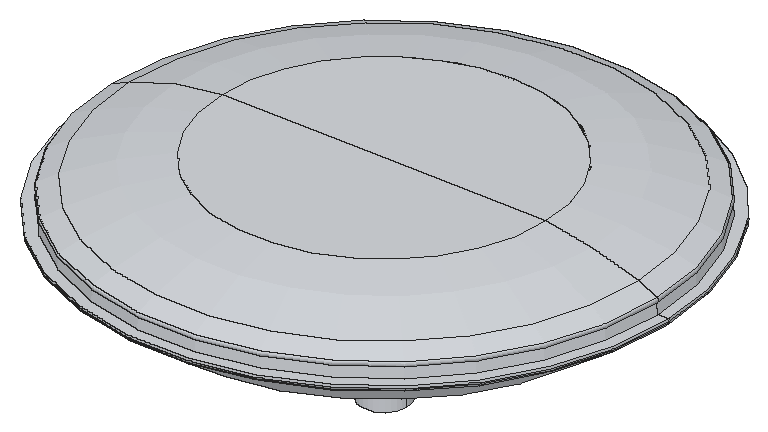
Revit family "Lighting-UrbanSystem-GEWISS-URBAN[O3]-LED-SIDE_COUPLING_OPTIC_CYCLE-PEDESTRIAN", category Apparecchi per illuminazione, host Superficie, Revit 2019
Family settings
  Host = Superficie
  Quota connettore circolare = Usa diametro
  Tipo di parte = Normale
  Numero OmniClass = 23.80.70.00
  Titolo OmniClass = Lighting
  Taglio con vuoti quando caricato = No
  Sorgente d'illuminazione = No
  Condiviso = No
  Punto di calcolo locali = Sì
Parameters (values of type "GWS7208 - URBAN LED 4M 4000K CYC. SIDE B. GRA.GR.")
  Working temperature = "-25 +35 °C"
  Weight (kg): = "11"
  Weight (kg) = "11"
  Warranty = "5 years"
  Voltage: = "220/240 V - 50/60 Hz"
  Voltage = "220/240 V - 50/60 Hz - Stand alone and/or possibility of dimmer 1-10 V"
  Visibility_label [instance] = yes
  Vetro = GEWISS - VETRO
  Version file RFA = "20.11"
  Urbano 2D [instance] = yes
  URL = "https://www.gewiss.com/ww/en"
  Type of light source = "LED"
  Type of lamp: = "LED"
  Technical sheet = "https://www.gewiss.com/ww/en/search?q=GWS7208"
  System power = "105W"
  Suitable for: = "Commercial side brackets with side connection"
  Suitable for = "Commercial side brackets with side connection"
  Spostamento_y_etichetta [instance] = 0 mm
  Spostamento_y_effettivo_etichetta [instance] = 1500 mm - Spostamento_y_etichetta  # 1500 mm
  Spostamento_x_etichetta [instance] = 0 mm
  Spostamento_x_effettivo_etichetta [instance] = 1500 mm - Spostamento_x_etichetta  # 1500 mm
  Shock resistance = "IK08 BODY - IK06 LENS"
  SEO = "Street lighting"
  Risk photobiological = "RG1/RG2 @ 20cm"
  Realized by GEWISS S.p.A. = ""
  R1 = 285 mm  # constant formula
  R = 160 mm  # constant formula
  Simbolo in pianta [instance] = not(Urbano 2D)  # no
  Default Elevation = 1219.2 mm
  Produttore = "GEWISS S.p.A."
  Power supply operation = ""
  Pilot current = "530mA"
  Photobiologic Risk = "RG1/RG2 @ 20cm"
  Optic = "Cycle and pedestrian - ULOR: 0%"
  Operating temperature: = "-25 +35 °C"
  Number of modules = "4 (4x16 LED)"
  Nominal flux (lm) = "13400"
  No. Chorus modules = "4 (4x16 LED)"
  Modello = "GWS7208"
  Minimum distance from the illuminated object = "1M"
  Maximum surface exposed to the wind = "0,25M2"
  Lumen output (lm) = "10560"
  LED current = "530mA"
  LED LifeTime (L80B20) = "50000H"
  LED Life time (L90B20) = "50000H"
  LED Life time (L80B10) = "100000H"
  Insulation class = "II"
  Immagine tipo = GWS7201.jpg
  IP degree = "IP66"
  IFC.TypeObject = ""
  IFC.ExportType = ""
  IFC.ExportAs = ""
  IDT = "e1528f34-313b-4522-a6c0-c97009e176a5"
  IDF = "dc177271-3986-48b2-bbc2-0ed583cb7899"
  Finitura = GEWISS - GRIGIO GRAFITE
  Electrocod = "244C"
  EAN code = "8011564802650"
  Driver type = "Constant Current Driver Led"
  Descrizione = "URBAN LED 4M 4000K CYC. SIDE B. GRA.GR."
  Colour temperature: = "4000 K (CRI 70)"
  Colour temperature = "4000 K (CRI 70)"
  Colour = "Graphite grey"
  Catalogue Range = "URBAN [O3]"
  Catalogue = "LIGHTING"
  COBie.Tagnumber = ""
  COBie.CreatedOn = ""
  COBie.CreatebBy = ""
  COBie.ComponentRegisterItemID = ""
  COBie.Component.TagNumber = ""
  COBie.Component.Space = ""
  COBie.Component.SerialNumber = ""
  COBie.Component.InstallationDate = ""
  COBie.Component.Description = ""
  COBie.Component.BarCode = ""
  Application = "External"
Types (5, lengths in mm): name | Weight (kg): | Weight (kg) | Voltage | Technical sheet | System power | Power supply operation | Number of modules | Nominal flux (lm) | No. Chorus modules | Modello | Lumen output (lm) | IDT | EAN code | Descrizione
  (no name) | "11" | "11" | "220/240 V - 50/60 Hz - Stand alone and/or possibility of dimmer 1-10 V" | "https://www.gewiss.com/ww/en/search?q=GWS7208" | "105W" | "Bi power" | "4 (4x16 LED)" | "13400" | "4 (4x16 LED)" | "GWS7208" | "10560" | "e1528f34-313b-4522-a6c0-c97009e176a5" | "8011564802650" | "URBAN LED 4M 4000K CYC. SIDE B. GRA.GR."
  GWS7207 - URBAN LED 3M 4000K CYC. SIDE B. GRA.GR. | "10,3" | "10,3" | "220/240 V - 50/60 Hz - Stand alone and/or possibility of dimmer 1-10 V" | "https://www.gewiss.com/ww/en/search?q=GWS7207" | "81W" | "" | "3 (3x16 LED)" | "10230" | "3 (3x16 LED)" | "GWS7207" | "8060" | "26f58905-4bfc-4629-96f5-06cf5acb5e82" | "8011564802643" | "URBAN LED 3M 4000K CYC. SIDE B. GRA.GR."
  GWS7208 - URBAN LED 4M 4000K CYC. SIDE B. GRA.GR. | "11" | "11" | "220/240 V - 50/60 Hz - Stand alone and/or possibility of dimmer 1-10 V" | "https://www.gewiss.com/ww/en/search?q=GWS7208" | "105W" | "" | "4 (4x16 LED)" | "13400" | "4 (4x16 LED)" | "GWS7208" | "10560" | "e1528f34-313b-4522-a6c0-c97009e176a5" | "8011564802650" | "URBAN LED 4M 4000K CYC. SIDE B. GRA.GR."
  GWS7227 - URBAN LED 3M 4000K BI.CYC.SIDE B.GRA.GR. | "10,3" | "10,3" | "220/240 V - 50/60 Hz - Bi-power with self-learning" | "https://www.gewiss.com/ww/en/search?q=GWS7227" | "81W" | "Bi power" | "3 (3x16 LED)" | "10230" | "3 (3x16 LED)" | "GWS7227" | "8060" | "94889c61-848d-4864-b8ec-3069a0b4ea2d" | "8011564802766" | "URBAN LED 3M 4000K BI.CYC.SIDE B.GRA.GR."
  GWS7228 - URBAN LED 4M 4000K BI.CYC.SIDE B.GRA.GR. | "11" | "11" | "220/240 V - 50/60 Hz - Bi-power with self-learning" | "https://www.gewiss.com/ww/en/search?q=GWS7228" | "105W" | "Bi power" | "4 (4x16 LED)" | "13400" | "4 (4x16 LED)" | "GWS7228" | "10560" | "8396a719-b230-4b6e-837b-e53ebf4c897f" | "8011564802773" | "URBAN LED 4M 4000K BI.CYC.SIDE B.GRA.GR."
Reference planes
  plane 1 "Centro (Fronte/Retro)": y = 0
  plane 2: z = 0
  plane 3 "Centro (Sinistra/Destra)": x = 0
  plane 4: x = -1500
  plane 5: y = -1500
  plane 6: x = 0
  plane 7: y = 0
Lines and regions (mm)
  Masking region 1, visible <- "Urbano 2D"
    outline origin (0, 0, 0) x (1, 0, 0) y (0, 1, 0)
      loop
        circle (0, 0) r 285
  symbolic lines, visible <- "Urbano 2D"
    curve 1: circle (0, 0, 0) r 160 normal (0, 0, 1)
Dimensions and locks
  plane 4 to plane 3 "Centro (Sinistra/Destra)" = 1500 mm
  "Spostamento_x_effettivo_etichetta": plane 4 to plane 6
  plane 1 "Centro (Fronte/Retro)" to plane 5 = 1500 mm
  "Spostamento_y_effettivo_etichetta": plane 7 to plane 5
  "R1": radius of Masking region 1 sketch curve
  "R": radius of curve 1
  aligned and locked: plane 2 to host face
  aligned and locked: level to host face
  aligned and locked: plane 3 "Centro (Sinistra/Destra)" to nested 1
  aligned and locked: plane 3 "Centro (Sinistra/Destra)" to nested 2
  aligned and locked: plane 1 "Centro (Fronte/Retro)" to nested 2
  aligned and locked: nested 2 to host face
  aligned and locked: plane 6 to nested 3
  aligned and locked: nested 3 to plane 7
Automatic sketch dimensions
  host sketch curve to host sketch curve = 2438.4 mm  (x2)
  plane 1 "Centro (Fronte/Retro)" to curve 1 = 0 mm
  curve 1 to plane 3 "Centro (Sinistra/Destra)" = 0 mm
  plane 1 "Centro (Fronte/Retro)" to Masking region 1 sketch curve = 0 mm
  Masking region 1 sketch curve to plane 3 "Centro (Sinistra/Destra)" = 0 mm
Nested families
  nested 1: "URBANO_annotazione" at (0, 0, 0), visible <- "Simbolo in pianta", type "URBANO_annotazione"
  nested 2: "Generico - URBAN[O3] ILLUM URBANA LED INNESTO LAT OTTICA CICLOPED" at (0, 0, 215.679) x (1, 0, 0) z (0, 0, -1), type "Generico - URBAN[O3] ILLUM URBANA LED INNESTO LAT OTTICA CICLOPED"
  nested 3: "ETICHETTA LIGHT" at (0, 0, 0), visible <- "Visibility_label", type "ETICHETTA LIGHT"
Definition of nested family "Generico - URBAN[O3] ILLUM URBANA LED INNESTO LAT OTTICA CICLOPED"
  Parameters (values of type "Generico - URBAN[O3] ILLUM URBANA LED INNESTO LAT OTTICA CICLOPED")
    Default Elevation = 1219.2 mm
  Reference planes
    plane 1 "Centro (Fronte/Retro)": y = 0
    plane 2: z = 0
    plane 3 "Centro (Sinistra/Destra)": x = 0
    plane 4: z = 33.903
    plane 5: z = 44.56
    plane 6: z = 150.179
    plane 7: z = 175.679
    plane 8: z = 195.679
    plane 9: z = 215.679
    plane 10: x = -22.868
    plane 11: x = -28.868
    plane 12: x = -32.868
  Forms (mm)
    Revolve 1, solid
      sketch origin (0, 0, 0) x (1, 0, 0) y (0, 0, 1)
        loop
          line (0, 145.179) -> (-39.848, 145.179) -> (-43.403, 143.885)
          arc (-43.403, 143.885) -> (-170.03, 116.692) -> (-281.867, 51.376) r 410.213
          arc (-281.867, 51.376) -> (-283.095, 50.238) -> (-284.305, 49.08) r 104.477
          arc (-284.305, 49.08) -> (-284.915, 48.205) -> (-285.157, 47.166) r 2.821
          line (-285.157, 47.166) -> (-285.157, 44.56) -> (0, 44.56) -> (0, 145.179)
        axis (0, 145.179) -> (0, 44.56)
      angle from 0 to 360
    Revolve 2, solid
      sketch origin (0, 0, 0) x (1, 0, 0) y (0, 0, 1)
        loop
          line (0, 44.56) -> (-273.995, 44.56) -> (-273.274, 33.903)
          arc (-273.274, 33.903) -> (-274.138, 31.863) -> (-273.281, 29.819) r 2.854
          arc (-273.281, 29.819) -> (-264.038, 25.43) -> (-254.645, 21.373) r 286.239
          arc (-254.645, 21.373) -> (-209.229, 6.908) -> (-162.069, 0) r 292.91
          line (-162.069, 0) -> (0, 0) -> (0, 44.56)
        axis (0, 44.56) -> (0, 0)
      angle from 0 to 360
    Revolve 3, solid
      sketch origin (0, 0, 0) x (1, 0, 0) y (0, 0, 1)
        loop
          line (-28.868, 195.679) -> (-28.868, 175.679) -> (-32.868, 175.679) -> (-32.868, 150.179) -> (0, 150.179) -> (0, 215.679) -> (-22.868, 215.679) -> (-22.868, 195.679) -> (-28.868, 195.679)
        axis (0, 215.679) -> (0, 150.179)
      angle from 0 to 360
  Lines and regions (mm)
    model lines
      curve 1: line (0, 0, 149.579) -> (0, 0, 134.579)
  Dimensions and locks
    locked: plane 5 to plane 4 at 10.656
    plane 4 to plane 2 = 33.903 mm
    locked: plane 7 to plane 6 at 25.5
    locked: plane 8 to plane 7 at 20
    locked: plane 9 to plane 8 at 20
    locked: plane 3 "Centro (Sinistra/Destra)" to plane 10 at 22.868
    locked: plane 11 to plane 10 at 6
    locked: plane 12 to plane 11 at 4
    aligned and locked: level to plane 2
    aligned and locked: Revolve 1 sketch curve to plane 5
    aligned and locked: Revolve 1 sketch curve to plane 3 "Centro (Sinistra/Destra)"
    aligned and locked: Revolve 2 sketch curve to plane 5
    aligned and locked: Revolve 2 sketch curve to level
    aligned and locked: Revolve 2 sketch curve to plane 3 "Centro (Sinistra/Destra)"
    aligned and locked: Revolve 3 sketch curve to plane 8
    aligned and locked: Revolve 3 sketch curve to plane 7
    aligned and locked: Revolve 3 sketch curve to plane 6
    aligned and locked: Revolve 3 sketch curve to plane 3 "Centro (Sinistra/Destra)"
    aligned and locked: Revolve 3 sketch curve to plane 10
    aligned and locked: Revolve 3 sketch curve to plane 11
    aligned and locked: Revolve 3 sketch curve to plane 12
    aligned and locked: Revolve 3 sketch curve to plane 9
Definition of nested family "URBANO_annotazione"
  Reference planes
    plane 1: y = 0
    plane 2: x = 0
  Lines and regions (mm)
    detail lines
      curve 1: circle (0.023, 0.036, 0) r 2.492 normal (0, 0, 1)
      curve 2: line (-1.739, 1.798, 0) -> (1.785, -1.726, 0)
      curve 3: line (-1.739, -1.726, 0) -> (1.785, 1.798, 0)
Definition of nested family "ETICHETTA LIGHT"
  Parameters (values of type "ETICHETTA LIGHT")
    COMMENTI = "32W"
  Reference planes
    plane 1: y = 0
    plane 2: x = 0
  Text (mm)
    label "COMMENTI" at (-0.057, 0.105, 0), shows "COMMENTI"
